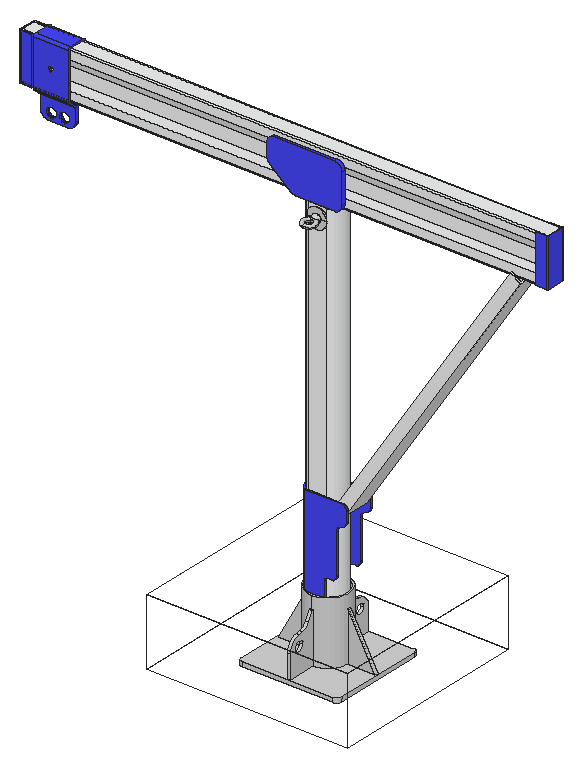
Revit family "FallProtection_DavitBase_Kattsafe_FloorMount_AdhesiveFixed", category Specialty Equipment, Revit 2025
Family settings
  Round Connector Dimension = Use Diameter
  Part Type = Normal
  OmniClass Number = 23.27.71.21
  Work Plane-Based = No
  Enable Cutting in Views = No
  Always vertical = Yes
  Cut with Voids When Loaded = No
  Maintain Annotation Orientation = No
  Shared = No
  Room Calculation Point = No
Parameters (values of type "1000mm Reach - 1600H (OH510.1600 + OH520)")
  Uniclass2015Version = "Products v1.23"
  Uniclass2015Title = "Davit arms"
  Uniclass2015Code = "Pr_40_70_75_21"
  URL = "https://kattsafe.com.au/"
  Type IFC Predefined Type = "USERDEFINED"
  Type Comments = "1000mm Reach - 1600mm Height Clearance - Min. 200mm Slab Req."
  SafetyDisclaimer [instance] = "WARNING! The correct placement of access, fall protection and facade maintenance systems is critical to ensure it is fit-for-purpose and safe for the operator to use. Did you know Kattsafe® have a dedicated team of Height Safety System Design Specialists? Kattsafe® provide one-on-one consultation and system design assistance to ensure you are meeting the stringent requirements of height safety and to give you PEACE OF MIND with your project."  # constant formula
  RightOffset = 907 mm
  RequiredSpace [instance] = yes
  OperationalRangeVis [instance] = yes
  OperationalRangeRadius = 1070 mm
  OperationalRangeOA = 1199 mm
  ModifiedIssue = 20240430
  Model = "OH510.1600 + OH520"
  ManufacturerURLProductSpecific = "https://kattsafe.com.au/products/davits-needles/davits"
  ManufacturerSpecCode = Model  # "OH510.1600 + OH520"
  ManufacturerOverallWidth = 2106 mm
  ManufacturerOverallHeight = 1850 mm
  ManufacturerOverallDepth = 400 mm
  ManufacturerHeightFromFFL [instance] = 0 mm
  Manufacturer = "Kattsafe®"  # constant formula
  IfcExportType = "USERDEFINED"
  IfcExportAs = "IfcElementComponentType"
  Export Type to IFC As = "IfcElementComponentType"
  ElementType = "Fall Protection"
  Description = "Kattsafe davits are designed as a cantilevered anchorage device over balustrades, parapets and curtain walls for rope access work."  # constant formula
  Default Elevation = 0 mm
  DavitArmVis = yes
  CreatedByURL = "https://igsgroup.com.au"
  CreatedBy = "IGS BIM Solutions"  # constant formula
  BaseMaterial = Steel_Stainless_Kattsafe_Satin
  Assembly Code = "E1090100"
  ArmWidth = 2106 mm
  ArmVerticalOffset [instance] = ManufacturerHeightFromFFL + 50 mm  # 50 mm
  ArmMaterial = Aluminum_Kattsafe_Satin
  ArmHeight = 1800 mm
  ArmBracketMaterial = Steel_PowderCoat_Kattsafe_Blue
Reference planes
  plane 1 "Center (Front/Back)": y = 0
  plane 2 "Ref. Level": z = 0
  plane 3 "Base Centre (Left/Right)": x = 0
  plane 4 "Back": y = 200
  plane 5 "Front": y = -200
  plane 6 "BaseRight": x = 200
  plane 7 "BaseLeft": x = -200
  plane 8 "Bottom": z = 0
  plane 9 "BaseTop": z = 266
  plane 10 "BaseFinTop": z = 216
  plane 11 "BaseFinHoles": z = 116
  plane 12 "Top": z = 1850
  plane 13 "Right": x = 907
  plane 14 "Left": x = -1199
  plane 15 "MastSleeveBottom": z = 16
Forms (mm)
  Extrusion 1, solid, material "Steel_Stainless_Kattsafe_Satin" <- "BaseMaterial"
    sketch origin (0, 0, 0) x (0, -1, 0) y (1, 0, 0)
      loop
        arc (-200, -180) -> (-194.142, -194.142) -> (-180, -200) r 20
        line (-180, -200) -> (180, -200)
        arc (180, -200) -> (194.142, -194.142) -> (200, -180) r 20
        line (200, -180) -> (200, 180)
        arc (200, 180) -> (194.142, 194.142) -> (180, 200) r 20
        line (180, 200) -> (-180, 200)
        arc (-180, 200) -> (-194.142, 194.142) -> (-200, 180) r 20
        line (-200, 180) -> (-200, -180)
    from 0 to 16
  Extrusion 2, solid, material "Steel_Stainless_Kattsafe_Satin" <- "BaseMaterial"
    sketch origin (0, 0, 0) x (0, -1, 0) y (1, 0, 0)
      loop
        circle (0, 0) r 77.15
      loop
        circle (0, 0) r 82.55
    from 266 to 16
  Extrusion 3, solid, material "Steel_Stainless_Kattsafe_Satin" <- "BaseMaterial"
    sketch origin (0, 0, 0) x (1, 0, 0) y (0, 0, 1)
      loop
        line (-82.55, 216) -> (-192.5, 16) -> (-79.577, 16) -> (-79.577, 216) -> (-82.55, 216)
      loop
        line (82.55, 216) -> (79.577, 216) -> (79.577, 16) -> (192.5, 16) -> (82.55, 216)
    from -6 to 6
  Extrusion 4, solid, material "Steel_Stainless_Kattsafe_Satin" <- "BaseMaterial"
    sketch origin (0, 0, 0) x (0, 1, 0) y (0, 0, 1)
      loop
        line (192.768, 16) -> (192.768, 108.211)
        arc (192.768, 108.211) -> (180.504, 141.014) -> (149.727, 157.725) r 50
        line (149.727, 157.725) -> (134.969, 159.799)
        arc (134.969, 159.799) -> (116.068, 167.054) -> (102.26, 181.861) r 45
        line (102.26, 181.861) -> (82.55, 216) -> (79.577, 216) -> (79.577, 16) -> (192.768, 16)
      loop
        line (-192.768, 16) -> (-79.577, 16) -> (-79.577, 216) -> (-82.55, 216) -> (-102.26, 181.861)
        arc (-102.26, 181.861) -> (-116.068, 167.054) -> (-134.969, 159.799) r 45
        line (-134.969, 159.799) -> (-149.727, 157.725)
        arc (-149.727, 157.725) -> (-180.504, 141.014) -> (-192.768, 108.211) r 50
        line (-192.768, 108.211) -> (-192.768, 16)
      loop
        circle (-152, 116) r 20
      loop
        circle (152, 116) r 20
    from -6 to 6
  Extrusion 5, solid, material "RequiredSpace_Kattsafe", visible <- "RequiredSpace"
    sketch origin (0, 0, 0) x (0, -1, 0) y (1, 0, 0)
      loop
        line (-400, -400) -> (400, -400) -> (400, 400) -> (-400, 400) -> (-400, -400)
    from 0 to 266
Cuts and joins
  joined: Extrusion 2, Extrusion 3, Extrusion 4
Lines and regions (mm)
  Masking region 1
    outline origin (0, 0, 16) x (0, -1, 0) y (1, 0, 0)
      loop
        arc (-200, -180) -> (-194.142, -194.142) -> (-180, -200) r 20
        line (-180, -200) -> (180, -200)
        arc (180, -200) -> (194.142, -194.142) -> (200, -180) r 20
        line (200, -180) -> (200, 180)
        arc (200, 180) -> (194.142, 194.142) -> (180, 200) r 20
        line (180, 200) -> (-180, 200)
        arc (-180, 200) -> (-194.142, 194.142) -> (-200, 180) r 20
        line (-200, 180) -> (-200, -180)
  symbolic lines, style "Required Space", visible <- "RequiredSpace"
    curve 1: line (-400, 400, 0) -> (400, 400, 0)
    curve 2: line (400, 400, 0) -> (400, 50, 0)
    curve 3: line (-400, -400, 0) -> (400, -400, 0)
    curve 4: line (400, -400, 0) -> (400, -50, 0)
    curve 5: line (-400, -400, 0) -> (-400, -35, 0)
    curve 6: line (-400, 400, 0) -> (-400, 35, 0)
    curve 7: line (-400, 0, 266) -> (400, 0, 266)
    curve 8: line (-400, 0, 0) -> (-400, 0, 266)
    curve 9: line (400, 0, 0) -> (-400, 0, 0)
    curve 10: line (400, 0, 266) -> (400, 0, 0)
    curve 11: line (0, 400, 266) -> (0, -400, 266)
    curve 12: line (0, 400, 0) -> (0, 400, 266)
    curve 13: line (0, -400, 0) -> (0, 400, 0)
    curve 14: line (0, -400, 266) -> (0, -400, 0)
  symbolic lines, style "Fall Arrest Systems", detail levels medium+fine
    curve 15: line (-6, 192.768, 16) -> (6, 192.768, 16)
    curve 16: line (6, 192.768, 16) -> (6, 82.332, 16)
    curve 17: line (-6, 82.332, 16) -> (-6, 192.768, 16)
    curve 19: circle (0, 0, 16) r 82.55 normal (0, 0, -1)
    curve 20: line (-6, -192.768, 16) -> (6, -192.768, 16)
    curve 21: line (6, -192.768, 16) -> (6, -82.332, 16)
    curve 22: line (-6, -82.332, 16) -> (-6, -192.768, 16)
    curve 23: line (-192.768, 6, 16) -> (-192.768, -6, 16)
    curve 24: line (-192.768, -6, 16) -> (-82.332, -6, 16)
    curve 25: line (-82.332, 6, 16) -> (-192.768, 6, 16)
    curve 26: line (192.768, 6, 16) -> (192.768, -6, 16)
    curve 27: line (192.768, -6, 16) -> (82.332, -6, 16)
    curve 28: line (82.332, 6, 16) -> (192.768, 6, 16)
  symbolic lines, style "Fall Arrest Systems", detail levels fine
    curve 18: circle (0, 0, 16) r 77.15 normal (0, 0, -1)
    curve 29: circle (150, 150, 16) r 9 normal (0, 0, -1)
    curve 30: circle (-150, 150, 16) r 9 normal (0, 0, 1)
    curve 31: circle (150, -150, 16) r 9 normal (0, 0, 1)
    curve 32: circle (-150, -150, 16) r 9 normal (0, 0, -1)
Text (mm)
  text "Disclaimer:\nDue to ongoing product development and manufacturing \nevolution, product details are subject to change without \nnotice. Please refer to product technical data sheets on \nthe manufacturers website for the most current product \ninformation. Please allow a +/- 5mm manufacturing \ntolerance for dimensions and set-outs shown in product \nliterature." at (1573.542, 159.228, 0), in view "Ref. Level"
Dimensions and locks
  equal spacing: plane 7 "BaseLeft", plane 3 "Base Centre (Left/Right)", plane 6 "BaseRight"
  equal spacing: plane 5 "Front", plane 1 "Center (Front/Back)", plane 4 "Back"
  "ManufacturerOverallDepth": plane 5 "Front" to plane 4 "Back"
  "ManufacturerHeightFromFFL": plane 8 "Bottom" to plane 2 "Ref. Level"
  locked: plane 9 "BaseTop" to plane 8 "Bottom" at 266
  "ManufacturerOverallHeight": plane 12 "Top" to plane 8 "Bottom"
  locked: plane 11 "BaseFinHoles" to plane 8 "Bottom" at 116
  locked: plane 10 "BaseFinTop" to plane 11 "BaseFinHoles" at 100
  "ManufacturerOverallWidth": plane 14 "Left" to plane 13 "Right"
  "RightOffset": plane 3 "Base Centre (Left/Right)" to plane 13 "Right"
  plane 7 "BaseLeft" to plane 6 "BaseRight" = 400 mm
  locked: plane 15 "MastSleeveBottom" to plane 8 "Bottom" at 16
  aligned and locked: level to plane 2 "Ref. Level"
  aligned and locked: Extrusion 3 sketch curve to plane 10 "BaseFinTop"
  aligned and locked: plane 10 "BaseFinTop" to Extrusion 3 sketch curve
  aligned and locked: plane 11 "BaseFinHoles" to Extrusion 4 sketch curve
  aligned and locked: Extrusion 2 to plane 9 "BaseTop"
  aligned and locked: curve 9 to plane 8 "Bottom"
  aligned and locked: plane 8 "Bottom" to Extrusion 5
  aligned and locked: Extrusion 5 to plane 9 "BaseTop"
  aligned and locked: plane 9 "BaseTop" to curve 7
  aligned and locked: plane 9 "BaseTop" to curve 11
  aligned and locked: plane 15 "MastSleeveBottom" to Extrusion 4 sketch curve
  aligned and locked: Extrusion 4 sketch curve to plane 15 "MastSleeveBottom"
  aligned and locked: Extrusion 3 sketch curve to plane 15 "MastSleeveBottom"
  aligned and locked: plane 15 "MastSleeveBottom" to Extrusion 3 sketch curve
Automatic sketch dimensions
  Extrusion 2 sketch curve to Extrusion 2 sketch curve = 0 mm  (x2)
  plane 1 "Center (Front/Back)" to Extrusion 2 sketch curve = 0 mm
  Extrusion 2 sketch curve to plane 3 "Base Centre (Left/Right)" = 0 mm
  Extrusion 5 sketch curve to plane 4 "Back" = 200 mm
  plane 5 "Front" to Extrusion 5 sketch curve = 200 mm
  Extrusion 5 sketch curve to plane 7 "BaseLeft" = 200 mm
  plane 6 "BaseRight" to Extrusion 5 sketch curve = 200 mm
  curve 9 to plane 7 "BaseLeft" = 200 mm
  plane 6 "BaseRight" to curve 9 = 200 mm
  curve 13 to level = 0 mm
  plane 5 "Front" to curve 11 = 200 mm
  curve 13 to plane 4 "Back" = 200 mm
  plane 7 "BaseLeft" to Extrusion 3 sketch curve = 7.5 mm
  Extrusion 3 sketch curve to plane 3 "Base Centre (Left/Right)" = 82.55 mm
  Extrusion 3 sketch curve to Extrusion 3 sketch curve = 2.973 mm  (x2)
  plane 3 "Base Centre (Left/Right)" to Extrusion 3 sketch curve = 79.577 mm
  Extrusion 3 sketch curve to plane 6 "BaseRight" = 7.5 mm
  plane 10 "BaseFinTop" to Extrusion 4 sketch curve = 0 mm  (x2)
  plane 11 "BaseFinHoles" to Extrusion 4 sketch curve = 0 mm
  Extrusion 4 sketch curve to plane 5 "Front" = 7.232 mm
  Extrusion 4 sketch curve to Extrusion 4 sketch curve = 40.768 mm
  Extrusion 4 sketch curve to Extrusion 4 sketch curve = 2.273 mm
  Extrusion 4 sketch curve to Extrusion 4 sketch curve = 9.232 mm  (x2)
  plane 10 "BaseFinTop" to Extrusion 4 sketch curve = 11.639 mm  (x2)
  Extrusion 4 sketch curve to Extrusion 4 sketch curve = 8.496 mm
  Extrusion 4 sketch curve to Extrusion 4 sketch curve = 14.758 mm  (x2)
  plane 10 "BaseFinTop" to Extrusion 4 sketch curve = 34.139 mm  (x2)
  Extrusion 4 sketch curve to Extrusion 4 sketch curve = 32.708 mm  (x2)
  Extrusion 4 sketch curve to Extrusion 4 sketch curve = 19.71 mm  (x2)
  Extrusion 4 sketch curve to Extrusion 4 sketch curve = 2.973 mm  (x2)
  Extrusion 4 sketch curve to plane 1 "Center (Front/Back)" = 79.577 mm
  Extrusion 4 sketch curve to Extrusion 4 sketch curve = 6.263 mm
  plane 11 "BaseFinHoles" to Extrusion 4 sketch curve = 7.789 mm  (x2)
  Extrusion 4 sketch curve to Extrusion 4 sketch curve = 7.8 mm
  plane 4 "Back" to Extrusion 4 sketch curve = 7.232 mm
  curve 1 to plane 4 "Back" = 200 mm
  plane 5 "Front" to curve 3 = 200 mm
  curve 3 to plane 7 "BaseLeft" = 200 mm
  curve 6 to plane 7 "BaseLeft" = 200 mm
  plane 6 "BaseRight" to curve 2 = 200 mm
  plane 6 "BaseRight" to curve 4 = 200 mm
  curve 6 to plane 1 "Center (Front/Back)" = 35 mm
  curve 2 to plane 1 "Center (Front/Back)" = 50 mm
  plane 1 "Center (Front/Back)" to curve 5 = 35 mm
  plane 1 "Center (Front/Back)" to curve 4 = 50 mm
  plane 4 "Back" to Extrusion 1 sketch curve = 0 mm
  Extrusion 1 sketch curve to plane 7 "BaseLeft" = 0 mm
  Extrusion 1 sketch curve to plane 6 "BaseRight" = 0 mm
  plane 5 "Front" to Extrusion 1 sketch curve = 0 mm
  plane 4 "Back" to Extrusion 1 sketch curve = 20 mm  (x2)
  Extrusion 1 sketch curve to plane 5 "Front" = 20 mm
  Extrusion 1 sketch curve to Extrusion 1 sketch curve = 20 mm
  curve 18 to curve 19 = 0 mm  (x2)
  plane 1 "Center (Front/Back)" to curve 19 = 0 mm
  curve 19 to plane 3 "Base Centre (Left/Right)" = 0 mm
  curve 26 to plane 1 "Center (Front/Back)" = 6 mm
  curve 23 to plane 1 "Center (Front/Back)" = 6 mm
  plane 4 "Back" to curve 30 = 50 mm
  plane 4 "Back" to curve 29 = 50 mm
  plane 4 "Back" to curve 17 = 7.232 mm
  plane 1 "Center (Front/Back)" to curve 24 = 6 mm
  plane 1 "Center (Front/Back)" to curve 27 = 6 mm
  curve 31 to plane 5 "Front" = 50 mm
  curve 32 to plane 5 "Front" = 50 mm
  curve 20 to plane 5 "Front" = 7.232 mm
  curve 22 to plane 3 "Base Centre (Left/Right)" = 6 mm
  curve 17 to plane 3 "Base Centre (Left/Right)" = 6 mm
  plane 7 "BaseLeft" to curve 30 = 50 mm
  plane 7 "BaseLeft" to curve 32 = 50 mm
  plane 7 "BaseLeft" to curve 23 = 7.232 mm
  plane 3 "Base Centre (Left/Right)" to curve 20 = 6 mm
  plane 3 "Base Centre (Left/Right)" to curve 16 = 6 mm
  curve 29 to plane 6 "BaseRight" = 50 mm
  curve 31 to plane 6 "BaseRight" = 50 mm
  curve 26 to plane 6 "BaseRight" = 7.232 mm
  curve 17 to plane 1 "Center (Front/Back)" = 82.332 mm
  plane 4 "Back" to Masking region 1 sketch curve = 0 mm
  Masking region 1 sketch curve to plane 7 "BaseLeft" = 0 mm
  Masking region 1 sketch curve to plane 6 "BaseRight" = 0 mm
  plane 5 "Front" to Masking region 1 sketch curve = 0 mm
  plane 4 "Back" to Masking region 1 sketch curve = 20 mm  (x2)
  Masking region 1 sketch curve to plane 5 "Front" = 20 mm
  Masking region 1 sketch curve to Masking region 1 sketch curve = 20 mm
  radius of Extrusion 2 sketch curve = 77.15 mm
  radius of Extrusion 2 sketch curve = 82.55 mm
  radius of Extrusion 4 sketch curve = 20 mm  (x2)
  radius of curve 18 = 77.15 mm
  radius of curve 29 = 9 mm
  radius of curve 30 = 9 mm
  radius of curve 31 = 9 mm
  radius of curve 32 = 9 mm
Nested families
  nested 1: "Ropeaccess_Davitarm_Kattsafe" at (607, 0, 50), visible <- "DavitArmVis", built-in parameter 1001364 <- "ArmVerticalOffset", ManufacturerOverallHeight <- "ArmHeight", ManufacturerOverallWidth <- "ArmWidth", type "Type 1"
    with ManufacturerOverallWidth 2106 mm, ManufacturerOverallHeight 1800 mm, ManufacturerHeightFromFFL 0 mm
  nested 2: "OperationalReach_DavitArm_Kattsafe" at (0, 0, 0) x (-0.7071, -0.7071, 0) z (0, 0, -1), OperationalReach <- "OperationalRangeOA", visible <- "OperationalRangeVis", CircleRadius <- "OperationalRangeRadius", type "Type 1"
    with OperationalReach 1199 mm, CircleVis yes, CircleRadius 1070 mm
  nested 3: "OperationalReach_DavitArm_Kattsafe" at (0, 0, 0) x (0.7071, -0.7071, 0) z (0, 0, -1), OperationalReach <- "OperationalRangeOA", visible <- "OperationalRangeVis", CircleRadius <- "OperationalRangeOA", type "Type 1"
    with OperationalReach 1199 mm, CircleVis no, CircleRadius 1199 mm
  nested 4: "OperationalReach_DavitArm_Kattsafe" at (0, 0, 0) x (-1, 0, 0) z (0, 0, -1), OperationalReach <- "OperationalRangeOA", visible <- "OperationalRangeVis", CircleRadius <- "OperationalRangeOA", type "Type 1"
    with OperationalReach 1199 mm, CircleVis no, CircleRadius 1199 mm
  nested 5: "OperationalReach_DavitArm_Kattsafe" at (0, 0, 0) x (-0.7071, 0.7071, 0) z (0, 0, -1), OperationalReach <- "OperationalRangeOA", visible <- "OperationalRangeVis", CircleRadius <- "OperationalRangeOA", type "Type 1"
    with OperationalReach 1199 mm, CircleVis no, CircleRadius 1199 mm
  nested 6: "OperationalReach_DavitArm_Kattsafe" at (0, 0, 0) x (0, 1, 0) z (0, 0, -1), OperationalReach <- "OperationalRangeOA", visible <- "OperationalRangeVis", CircleRadius <- "OperationalRangeOA", type "Type 1"
    with OperationalReach 1199 mm, CircleVis no, CircleRadius 1199 mm
  nested 7: "OperationalReach_DavitArm_Kattsafe" at (0, 0, 0) x (0.7071, 0.7071, 0) z (0, 0, -1), OperationalReach <- "OperationalRangeOA", visible <- "OperationalRangeVis", CircleRadius <- "OperationalRangeOA", type "Type 1"
    with OperationalReach 1199 mm, CircleVis no, CircleRadius 1199 mm
  nested 8: "OperationalReach_DavitArm_Kattsafe" at (0, 0, 0) x (1, 0, 0) z (0, 0, -1), OperationalReach <- "OperationalRangeOA", visible <- "OperationalRangeVis", CircleRadius <- "OperationalRangeOA", type "Type 1"
    with OperationalReach 1199 mm, CircleVis no, CircleRadius 1199 mm
Definition of nested family "Ropeaccess_Davitarm_Kattsafe"
  Parameters (values of type "Type 1")
    Uniclass2015Version = "Products v1.20"
    Uniclass2015Title = "Davit arms"
    Uniclass2015Code = "Pr_40_70_75_21"
    URL = "https://kattsafe.com.au/"
    Type IFC Predefined Type = "NOTDEFINED\r\nq"
    Type Comments = ""
    ModifiedIssue = 20210726
    Model = ""
    ManufacturerURLProductSpecific = ""
    ManufacturerSpecCode = Model  # ""
    ManufacturerOverallWidth [instance] = 2106 mm
    ManufacturerOverallHeight [instance] = 1805 mm
    ManufacturerOverallDepth = 246.6 mm
    ManufacturerHeightFromFFL [instance] = 0 mm
    Manufacturer = "Sayfa"  # constant formula
    IfcExportType = "NOTDEFINED\r\nq"
    IfcExportAs = "IfcElementComponentType"
    FixingMaterials = none
    Export Type to IFC As = "IfcElementComponentType"
    Description = "A Proprietary Facade Rope Access System Providing Access Over Non\r\nLoad-bearing Parapets, Balustrades And Curtain Walls"
    Default Elevation = 0 mm
    CreatedByURL = "https://igsgroup.com.au"
    CreatedBy = "IGS BIM Solutions"  # constant formula
    BracketMaterial = none
    ArmMaterial = none
  Reference planes
    plane 1 "Centre (Front/Back)": y = 0
    plane 2 "Ref. Level": z = 0
    plane 3 "MastCentre": x = -607
    plane 4 "Back": y = 123.3
    plane 5 "Front": y = -123.3
    plane 6 "Right": x = 300
    plane 7 "Left": x = -1806
    plane 8 "Bottom": z = 0
    plane 9 "Centre (Elevation)": z = 902.5
    plane 10 "Top": z = 1805
    plane 11 "BaseTop": z = 570
    plane 12 "BraceBottomPivot": z = 540
    plane 13 "ArmTop": z = 1800
    plane 14 "ArmBack": y = 35
    plane 15 "ArmFront": y = -35
    plane 16 "ArmBottom": z = 1610
    plane 17 "ArmLeft": x = -1803
    plane 18 "ArmRight": x = 297
    plane 19 "RiggingAnchor": x = -1677
    plane 20 "BraceTopPivot": z = 1630.005
    plane 21 "ArmBracePivot": x = 187
    plane 22 "ArmCentre_Elevation": z = 1705
    plane 23 "MastJoinTop": z = 1780
    plane 24 "MastJoinBottom": z = 1600
    plane 25 "MastJoinRight": x = -512
    plane 26 "MastJoinLeft": x = -812
    plane 27 "MastFront": y = -56.8
    plane 28 "MastBack": y = 56.8
    plane 29 "BraceTop": z = 1616.005
    plane 30 "BracketCentre": z = 1555
    plane 31 "BracketFrontCentre": y = -94
    plane 32 "BracketBackCentre": y = 94
  Forms (mm)
    Extrusion 1, solid, material <- "ArmMaterial"
      sketch origin (297, 0, 0) x (0, 1, 0) y (0, 0, 1)
        loop
          arc (30, 1610) -> (33.536, 1611.464) -> (35, 1615) r 5
          line (35, 1615) -> (35, 1650) -> (25, 1678) -> (25, 1732) -> (35, 1760) -> (35, 1795)
          arc (35, 1795) -> (33.536, 1798.536) -> (30, 1800) r 5
          line (30, 1800) -> (-30, 1800)
          arc (-30, 1800) -> (-33.536, 1798.536) -> (-35, 1795) r 5
          line (-35, 1795) -> (-35, 1760) -> (-25, 1732) -> (-25, 1678) -> (-35, 1650) -> (-35, 1615)
          arc (-35, 1615) -> (-33.536, 1611.464) -> (-30, 1610) r 5
          line (-30, 1610) -> (30, 1610)
      from -2100 to 0
    Extrusion 2, solid, material <- "BracketMaterial"
      sketch origin (0, 0, 1800) x (0, -1, 0) y (1, 0, 0)
        loop
          arc (34, -1806) -> (36.828, -1804.828) -> (38, -1802) r 4
          line (38, -1802) -> (38, -1756) -> (35, -1756) -> (35, -1802)
          arc (35, -1802) -> (34.707, -1802.707) -> (34, -1803) r 1
          line (34, -1803) -> (-34, -1803)
          arc (-34, -1803) -> (-34.707, -1802.707) -> (-35, -1802) r 1
          line (-35, -1802) -> (-35, -1756) -> (-38, -1756) -> (-38, -1802)
          arc (-38, -1802) -> (-36.828, -1804.828) -> (-34, -1806) r 4
          line (-34, -1806) -> (34, -1806)
        loop
          line (34, 300) -> (-34, 300)
          arc (-34, 300) -> (-36.828, 298.828) -> (-38, 296) r 4
          line (-38, 296) -> (-38, 250) -> (-35, 250) -> (-35, 296)
          arc (-35, 296) -> (-34.707, 296.707) -> (-34, 297) r 1
          line (-34, 297) -> (34, 297)
          arc (34, 297) -> (34.707, 296.707) -> (35, 296) r 1
          line (35, 296) -> (35, 250) -> (38, 250) -> (38, 296)
          arc (38, 296) -> (36.828, 298.828) -> (34, 300) r 4
      from 0 to -190
    Extrusion 3, solid, material <- "ArmMaterial"
      sketch origin (0, 0, 0) x (0, -1, 0) y (1, 0, 0)
        loop
          line (56.8, -647) -> (51.8, -647) -> (51.8, -567) -> (56.8, -567)
          arc (56.8, -567) -> (0, -537) -> (-56.8, -567) r 68.771
          line (-56.8, -567) -> (-51.8, -567) -> (-51.8, -647) -> (-56.8, -647)
          arc (-56.8, -647) -> (0, -677) -> (56.8, -647) r 68.771
      from 0 to 1600
    Extrusion 4, solid, material <- "BracketMaterial"
      sketch origin (0, -35, 0) x (1, 0, 0) y (0, 0, 1)
        loop
          line (-542, 1780) -> (-782, 1780)
          arc (-782, 1780) -> (-803.213, 1771.213) -> (-812, 1750) r 30
          line (-812, 1750) -> (-812, 1701.256)
          arc (-812, 1701.256) -> (-809.189, 1688.577) -> (-801.284, 1678.274) r 30
          line (-801.284, 1678.274) -> (-716.365, 1607.019)
          arc (-716.365, 1607.019) -> (-707.341, 1601.809) -> (-697.081, 1600) r 30
          line (-697.081, 1600) -> (-542, 1600)
          arc (-542, 1600) -> (-520.787, 1608.787) -> (-512, 1630) r 30
          line (-512, 1630) -> (-512, 1750)
          arc (-512, 1750) -> (-520.787, 1771.213) -> (-542, 1780) r 30
      from 0 to 12.508
    Extrusion 5, solid, material <- "BracketMaterial"
      sketch origin (0, 35, 0) x (1, 0, 0) y (0, 0, 1)
        loop
          line (-542, 1780) -> (-782, 1780)
          arc (-782, 1780) -> (-803.213, 1771.213) -> (-812, 1750) r 30
          line (-812, 1750) -> (-812, 1701.256)
          arc (-812, 1701.256) -> (-809.189, 1688.577) -> (-801.284, 1678.274) r 30
          line (-801.284, 1678.274) -> (-716.365, 1607.019)
          arc (-716.365, 1607.019) -> (-707.341, 1601.809) -> (-697.081, 1600) r 30
          line (-697.081, 1600) -> (-542, 1600)
          arc (-542, 1600) -> (-520.787, 1608.787) -> (-512, 1630) r 30
          line (-512, 1630) -> (-512, 1750)
          arc (-512, 1750) -> (-520.787, 1771.213) -> (-542, 1780) r 30
      from 0 to -12.5
    Extrusion 6, solid, material <- "ArmMaterial"
      sketch origin (0, 0, 1610) x (0, -1, 0) y (1, 0, 0)
        loop
          arc (-35, -667.427) -> (0, -677) -> (35, -667.427) r 68.771
          line (35, -667.427) -> (35, -546.573)
          arc (35, -546.573) -> (0, -537) -> (-35, -546.573) r 68.771
          line (-35, -546.573) -> (-35, -667.427)
      from 0 to -10
    Extrusion 7, solid, material <- "BracketMaterial"
      sketch origin (-1677, 0, 0) x (0, 1, 0) y (0, 0, 1)
        loop
          line (-30, 1800) -> (30, 1800)
          arc (30, 1800) -> (33.536, 1798.536) -> (35, 1795) r 5
          line (35, 1795) -> (35, 1610.432)
          arc (35, 1610.432) -> (34.918, 1610.035) -> (34.686, 1609.704) r 1
          line (34.686, 1609.704) -> (2.386, 1579.277)
          arc (2.386, 1579.277) -> (0.992, 1577.288) -> (0.5, 1574.909) r 6
          line (0.5, 1574.909) -> (0.5, 1495.5) -> (5.5, 1495.5) -> (5.5, 1574.909)
          arc (5.5, 1574.909) -> (5.582, 1575.306) -> (5.814, 1575.637) r 1
          line (5.814, 1575.637) -> (38.114, 1606.064)
          arc (38.114, 1606.064) -> (39.508, 1608.053) -> (40, 1610.432) r 6
          line (40, 1610.432) -> (40, 1795)
          arc (40, 1795) -> (37.071, 1802.071) -> (30, 1805) r 10
          line (30, 1805) -> (-30, 1805)
          arc (-30, 1805) -> (-37.071, 1802.071) -> (-40, 1795) r 10
          line (-40, 1795) -> (-40, 1610.432)
          arc (-40, 1610.432) -> (-39.508, 1608.053) -> (-38.114, 1606.064) r 6
          line (-38.114, 1606.064) -> (-5.814, 1575.637)
          arc (-5.814, 1575.637) -> (-5.582, 1575.306) -> (-5.5, 1574.909) r 1
          line (-5.5, 1574.909) -> (-5.5, 1495.5) -> (-0.5, 1495.5) -> (-0.5, 1574.909)
          arc (-0.5, 1574.909) -> (-0.992, 1577.288) -> (-2.386, 1579.277) r 6
          line (-2.386, 1579.277) -> (-34.686, 1609.704)
          arc (-34.686, 1609.704) -> (-34.918, 1610.035) -> (-35, 1610.432) r 1
          line (-35, 1610.432) -> (-35, 1795)
          arc (-35, 1795) -> (-33.536, 1798.536) -> (-30, 1800) r 5
      from -70 to 70
    Extrusion 8, void
      sketch origin (0, 0, 0) x (1, 0, 0) y (0, 0, 1)
        loop
          line (-1747, 1525.5) -> (-1747, 1495.5) -> (-1717, 1495.5)
          arc (-1717, 1495.5) -> (-1738.213, 1504.287) -> (-1747, 1525.5) r 30
        loop
          arc (-1607, 1525.5) -> (-1615.787, 1504.287) -> (-1637, 1495.5) r 30
          line (-1637, 1495.5) -> (-1607, 1495.5) -> (-1607, 1525.5)
        loop
          circle (-1677, 1705) r 9
        loop
          circle (-1703, 1525.5) r 20
        loop
          circle (-1651, 1525.5) r 20
      from -50 to 50
    Extrusion 9, solid, material <- "BracketMaterial"
      sketch origin (0, -56.8, 0) x (1, 0, 0) y (0, 0, 1)
        loop
          line (-569.5, 0) -> (-569.5, 275)
          arc (-569.5, 275) -> (-566.571, 282.071) -> (-559.5, 285) r 10
          line (-559.5, 285) -> (-542, 285)
          arc (-542, 285) -> (-527.858, 290.858) -> (-522, 305) r 20
          line (-522, 305) -> (-522, 465.214)
          arc (-522, 465.214) -> (-519.143, 475.515) -> (-511.389, 482.873) r 20
          line (-511.389, 482.873) -> (-492.611, 492.858)
          arc (-492.611, 492.858) -> (-484.857, 500.216) -> (-482, 510.517) r 20
          line (-482, 510.517) -> (-482, 550)
          arc (-482, 550) -> (-487.858, 564.142) -> (-502, 570) r 20
          line (-502, 570) -> (-644.5, 570) -> (-644.5, 0) -> (-569.5, 0)
      from 0 to 6
    Extrusion 10, solid, material <- "BracketMaterial"
      sketch origin (0, 56.8, 0) x (1, 0, 0) y (0, 0, -1)
        loop
          line (-569.5, 0) -> (-644.5, 0) -> (-644.5, -570) -> (-502, -570)
          arc (-502, -570) -> (-487.858, -564.142) -> (-482, -550) r 20
          line (-482, -550) -> (-482, -510.517)
          arc (-482, -510.517) -> (-484.857, -500.216) -> (-492.611, -492.858) r 20
          line (-492.611, -492.858) -> (-511.389, -482.873)
          arc (-511.389, -482.873) -> (-519.143, -475.515) -> (-522, -465.214) r 20
          line (-522, -465.214) -> (-522, -305)
          arc (-522, -305) -> (-527.858, -290.858) -> (-542, -285) r 20
          line (-542, -285) -> (-559.5, -285)
          arc (-559.5, -285) -> (-566.571, -282.071) -> (-569.5, -275) r 10
          line (-569.5, -275) -> (-569.5, 0)
      from 0 to 6
    Extrusion 11, solid, material <- "BracketMaterial"
      sketch origin (0, 0, 0) x (0, -1, 0) y (1, 0, 0)
        loop
          line (-62.8, -569.5) -> (-56.8, -569.5) -> (-56.8, -567)
          arc (-56.8, -567) -> (0, -537) -> (56.8, -567) r 68.771
          line (56.8, -567) -> (56.8, -569.5) -> (62.8, -569.5) -> (62.8, -565.784)
          arc (62.8, -565.784) -> (62.716, -565.21) -> (62.471, -564.685) r 2
          arc (62.471, -564.685) -> (0, -531) -> (-62.471, -564.685) r 74.771
          arc (-62.471, -564.685) -> (-62.716, -565.21) -> (-62.8, -565.784) r 2
          line (-62.8, -565.784) -> (-62.8, -569.5)
      from 0 to 100
    Extrusion 12, solid, material <- "BracketMaterial"
      sketch origin (0, 0, 570) x (0, -1, 0) y (1, 0, 0)
        loop
          line (-62.8, -644.5) -> (-62.8, -648.216)
          arc (-62.8, -648.216) -> (-62.716, -648.79) -> (-62.471, -649.315) r 2
          arc (-62.471, -649.315) -> (0, -683) -> (62.471, -649.315) r 74.771
          arc (62.471, -649.315) -> (62.716, -648.79) -> (62.8, -648.216) r 2
          line (62.8, -648.216) -> (62.8, -644.5) -> (56.8, -644.5) -> (56.8, -647)
          arc (56.8, -647) -> (0, -677) -> (-56.8, -647) r 68.771
          line (-56.8, -647) -> (-56.8, -644.5) -> (-62.8, -644.5)
      from 0 to -370
    Sweep 13, solid, material <- "ArmMaterial"
      path in 3D
        loop
          line (180.587, 0, 1616.005) -> (-512, 0, 540)
      profile origin (-165.706, 0, 1078.002) x (0.840869, 0, -0.541238) y (0, -1, 0)
        loop
          line (23, 50) -> (-23, 50) -> (-23, 45) -> (18, 45) -> (18, -45) -> (-23, -45) -> (-23, -50) -> (23, -50) -> (23, 50)
    Revolve 14, solid, material <- "FixingMaterials", detail levels medium+fine
      sketch origin (-607, 0, 0) x (0, 1, 0) y (0, 0, 1)
        loop
          circle (-117.05, 1555) r 6.25
        axis (-94, 1555) -> (-94, 1554)
      angle from 0 to 360
    Revolve 15, solid, material <- "FixingMaterials", detail levels medium+fine
      sketch origin (0, 0, 1555) x (0, -1, 0) y (1, 0, 0)
        loop
          arc (58.445, -590.448) -> (57.33, -590.551) -> (56.8, -591.538) r 1.183
          line (56.8, -591.538) -> (56.8, -567) -> (51.8, -567) -> (51.8, -607) -> (77.8, -607) -> (77.8, -600.001)
          arc (77.8, -600.001) -> (77.464, -598.886) -> (76.569, -598.142) r 2.02
          line (76.569, -598.142) -> (58.445, -590.448)
        axis (77.8, -607) -> (51.8, -607)
      angle from 0 to 360
    Revolve 16, solid, material <- "FixingMaterials", detail levels medium+fine
      sketch origin (-607, 0, 0) x (0, -1, 0) y (0, 0, 1)
        loop
          circle (-117.05, 1555) r 6.25
        axis (-94, 1555) -> (-94, 1554)
      angle from 0 to 360
    Revolve 17, solid, material <- "FixingMaterials", detail levels medium+fine
      sketch origin (0, 0, 1555) x (0, 1, 0) y (1, 0, 0)
        loop
          arc (58.445, -590.448) -> (57.33, -590.551) -> (56.8, -591.538) r 1.183
          line (56.8, -591.538) -> (56.8, -567) -> (51.8, -567) -> (51.8, -607) -> (77.8, -607) -> (77.8, -600.001)
          arc (77.8, -600.001) -> (77.464, -598.886) -> (76.569, -598.142) r 2.02
          line (76.569, -598.142) -> (58.445, -590.448)
        axis (77.8, -607) -> (51.8, -607)
      angle from 0 to 360
  Cuts and joins
    joined: Extrusion 3, Extrusion 6
    Extrusion 8 cuts Extrusion 7
    joined: Extrusion 9, Extrusion 10, Extrusion 11, Extrusion 12
    joined: Revolve 14, Revolve 15
  Lines and regions (mm)
    Masking region 1
      outline origin (0, 0, 0) x (0, -1, 0) y (1, 0, 0)
        loop
          arc (34, -1806) -> (36.828, -1804.828) -> (38, -1802) r 4
          line (38, -1802) -> (38, -1756) -> (35, -1756) -> (35, -1742) -> (40, -1742) -> (40, -1607) -> (35, -1607) -> (35, -812) -> (47.5, -812) -> (47.5, -665.974)
          arc (47.5, -665.974) -> (55.814, -657.984) -> (62.8, -648.81) r 74.771
          line (62.8, -648.81) -> (62.8, -621.715) -> (67.396, -619.765)
          arc (67.396, -619.765) -> (122.986, -607.325) -> (67.532, -594.293) r 29.222
          line (67.532, -594.293) -> (62.8, -592.285) -> (62.8, -482) -> (56.8, -482) -> (56.8, -557.145)
          arc (56.8, -557.145) -> (52.349, -552.383) -> (47.5, -548.026) r 74.771
          line (47.5, -548.026) -> (47.5, -531.34) -> (50, -531.34) -> (50, 236.374) -> (45, 236.374) -> (45, 199.927) -> (35, 199.927) -> (35, 250) -> (38, 250) -> (38, 296)
          arc (38, 296) -> (36.828, 298.828) -> (34, 300) r 4
          line (34, 300) -> (-34, 300)
          arc (-34, 300) -> (-36.828, 298.828) -> (-38, 296) r 4
          line (-38, 296) -> (-38, 250) -> (-35, 250) -> (-35, 199.927) -> (-45, 199.927) -> (-45, 236.374) -> (-50, 236.374) -> (-50, -531.34) -> (-47.5, -531.34) -> (-47.5, -548.026)
          arc (-47.5, -548.026) -> (-52.349, -552.383) -> (-56.8, -557.145) r 74.771
          line (-56.8, -557.145) -> (-56.8, -482) -> (-62.8, -482) -> (-62.8, -592.285) -> (-67.532, -594.293)
          arc (-67.532, -594.293) -> (-122.986, -607.325) -> (-67.396, -619.765) r 29.222
          line (-67.396, -619.765) -> (-62.8, -621.715) -> (-62.8, -648.81)
          arc (-62.8, -648.81) -> (-55.814, -657.984) -> (-47.5, -665.974) r 74.771
          line (-47.5, -665.974) -> (-47.5, -812) -> (-35, -812) -> (-35, -1607) -> (-40, -1607) -> (-40, -1742) -> (-35, -1742) -> (-35, -1756) -> (-38, -1756) -> (-38, -1802)
          arc (-38, -1802) -> (-36.828, -1804.828) -> (-34, -1806) r 4
          line (-34, -1806) -> (34, -1806)
        loop
          line (77.8, -602.55) -> (77.8, -611.45)
          arc (77.8, -611.45) -> (110.8, -607) -> (77.8, -602.55) r 16.8
        loop
          arc (-77.8, -602.55) -> (-110.8, -607) -> (-77.8, -611.45) r 16.8
          line (-77.8, -611.45) -> (-77.8, -602.55)
    reference lines
      curve 1: line (180.587, 0, 1616.005) -> (-512, 0, 540)
    sketch lines
      curve 2: line (180.587, 0, 1616.005) -> (-512, 0, 540)
    symbolic lines, detail levels medium+fine
      curve 3: line (-1756, -35, 1555) -> (-1802, -35, 1555)
      curve 4: arc (-1802, -35, 1555) -> (-1802.707, -34.707, 1555) -> (-1803, -34, 1555) r 1
      curve 5: line (-1803, 34, 1555) -> (-1803, -34, 1555)
      curve 6: line (-1756, 35, 1555) -> (-1802, 35, 1555)
      curve 7: arc (-1802, 35, 1555) -> (-1802.707, 34.707, 1555) -> (-1803, 34, 1555) r 1
      curve 8: line (-1742, 35, 1555) -> (-1742, -35, 1555)
      curve 9: line (-1607, 35, 1555) -> (-1607, -35, 1555)
      curve 10: line (-812, -35, 1555) -> (-402, -35, 1555)
      curve 11: line (-812, 35, 1555) -> (-402, 35, 1555)
      curve 12: line (-665.974, -47.5, 1555) -> (-548.026, -47.5, 1555)
      curve 13: line (-665.974, 47.5, 1555) -> (-548.026, 47.5, 1555)
      curve 14: line (199.927, -45, 1555) -> (-402, -45, 1555)
      curve 15: line (-402, -35, 1555) -> (199.927, -35, 1555)
      curve 16: line (199.927, 35, 1555) -> (-402, 35, 1555)
      curve 17: line (199.927, 45, 1555) -> (-402, 45, 1555)
      curve 18: arc (-647, 56.8, 1555) -> (-652.724, 52.437, 1555) -> (-657.96, 47.5, 1555) r 68.771
      curve 19: line (-647, 56.8, 1555) -> (-557.145, 56.8, 1555)
      curve 20: line (-647, -56.8, 1555) -> (-557.145, -56.8, 1555)
      curve 21: arc (-647, -56.8, 1555) -> (-652.724, -52.437, 1555) -> (-657.96, -47.5, 1555) r 68.771
      curve 22: line (250, -35, 1555) -> (296, -35, 1555)
      curve 23: arc (296, -35, 1555) -> (296.707, -34.707, 1555) -> (297, -34, 1555) r 1
      curve 24: line (297, 34, 1555) -> (297, -34, 1555)
      curve 25: line (250, 35, 1555) -> (296, 35, 1555)
      curve 26: arc (296, 35, 1555) -> (296.707, 34.707, 1555) -> (297, 34, 1555) r 1
  Text (mm)
    text "Disclaimer:\nDue to ongoing product development and manufacturing \nevolution, product details are subject to change without \nnotice. Please refer to product technical data sheets on \nthe manufacturers website for the most current product \ninformation. Please allow a +/- 5mm manufacturing \ntolerance for dimensions and set-outs shown in product \nliterature." at (985.527, 159.228, 0), in view "Ref. Level"
  Dimensions and locks
    "ManufacturerOverallWidth": plane 7 "Left" to plane 6 "Right"
    equal spacing: plane 5 "Front", plane 1 "Centre (Front/Back)", plane 4 "Back"
    "ManufacturerOverallDepth": plane 5 "Front" to plane 4 "Back"
    equal spacing: plane 10 "Top", plane 9 "Centre (Elevation)", plane 8 "Bottom"
    "ManufacturerOverallHeight": plane 10 "Top" to plane 8 "Bottom"
    "ManufacturerHeightFromFFL": plane 8 "Bottom" to plane 2 "Ref. Level"
    plane 11 "BaseTop" to plane 12 "BraceBottomPivot" = 30 mm
    locked: plane 11 "BaseTop" to plane 8 "Bottom" at 570
    locked: plane 10 "Top" to plane 13 "ArmTop" at 5
    locked: plane 3 "MastCentre" to plane 6 "Right" at 907
    locked: plane 15 "ArmFront" to plane 14 "ArmBack" at 70
    equal spacing: plane 15 "ArmFront", plane 1 "Centre (Front/Back)", plane 14 "ArmBack"
    locked: plane 13 "ArmTop" to plane 16 "ArmBottom" at 190
    locked: plane 7 "Left" to plane 17 "ArmLeft" at 3
    locked: plane 18 "ArmRight" to plane 6 "Right" at 3
    locked: plane 17 "ArmLeft" to plane 19 "RiggingAnchor" at 126
    plane 20 "BraceTopPivot" to plane 16 "ArmBottom" = 20.005 mm
    locked: plane 21 "ArmBracePivot" to plane 18 "ArmRight" at 110
    equal spacing: plane 13 "ArmTop", plane 22 "ArmCentre_Elevation", plane 16 "ArmBottom"
    locked: plane 13 "ArmTop" to plane 23 "MastJoinTop" at 20
    plane 16 "ArmBottom" to plane 24 "MastJoinBottom" = 10 mm
    locked: plane 27 "MastFront" to plane 15 "ArmFront" at 21.8
    locked: plane 14 "ArmBack" to plane 28 "MastBack" at 21.8
    locked: plane 20 "BraceTopPivot" to plane 29 "BraceTop" at 14
    locked: plane 24 "MastJoinBottom" to plane 30 "BracketCentre" at 45
    locked: plane 31 "BracketFrontCentre" to plane 1 "Centre (Front/Back)" at 94
    locked: plane 1 "Centre (Front/Back)" to plane 32 "BracketBackCentre" at 94
    locked: plane 26 "MastJoinLeft" to plane 3 "MastCentre" at 205
    locked: plane 3 "MastCentre" to plane 25 "MastJoinRight" at 95
    aligned and locked: level to plane 2 "Ref. Level"
    aligned and locked: Extrusion 1 to plane 17 "ArmLeft"
    aligned and locked: plane 6 "Right" to Extrusion 2 sketch curve
    aligned and locked: Extrusion 2 sketch curve to plane 18 "ArmRight"
    aligned and locked: plane 7 "Left" to Extrusion 2 sketch curve
    aligned and locked: Extrusion 2 sketch curve to plane 17 "ArmLeft"
    aligned and locked: plane 16 "ArmBottom" to Extrusion 2
    aligned and locked: cut or joined group of Extrusion 3, Extrusion 6 to plane 24 "MastJoinBottom"
    aligned and locked: plane 29 "BraceTop" to curve 1
  Automatic sketch dimensions
    Extrusion 2 sketch curve to Extrusion 2 sketch curve = 0 mm  (x8)
    plane 14 "ArmBack" to Extrusion 2 sketch curve = 0 mm  (x2)
    plane 15 "ArmFront" to Extrusion 2 sketch curve = 0 mm  (x2)
    plane 14 "ArmBack" to Extrusion 2 sketch curve = 1 mm
    Extrusion 2 sketch curve to Extrusion 2 sketch curve = 1 mm  (x2)
    Extrusion 2 sketch curve to plane 15 "ArmFront" = 1 mm
    Extrusion 2 sketch curve to Extrusion 2 sketch curve = 46 mm  (x4)
    Extrusion 3 sketch curve to plane 28 "MastBack" = 0 mm  (x2)
    plane 1 "Centre (Front/Back)" to Extrusion 3 sketch curve = 0 mm  (x2)
    plane 27 "MastFront" to Extrusion 3 sketch curve = 0 mm  (x2)
    Extrusion 3 sketch curve to Extrusion 3 sketch curve = 5 mm  (x2)
    Extrusion 3 sketch curve to plane 3 "MastCentre" = 40 mm
    Extrusion 3 sketch curve to plane 3 "MastCentre" = 1.229 mm
    plane 3 "MastCentre" to Extrusion 3 sketch curve = 1.229 mm
    plane 3 "MastCentre" to Extrusion 3 sketch curve = 40 mm
    plane 14 "ArmBack" to Extrusion 6 sketch curve = 0 mm
    plane 1 "Centre (Front/Back)" to Extrusion 6 sketch curve = 0 mm  (x2)
    plane 15 "ArmFront" to Extrusion 6 sketch curve = 0 mm
    Extrusion 6 sketch curve to plane 3 "MastCentre" = 60.427 mm
    Extrusion 6 sketch curve to plane 3 "MastCentre" = 1.229 mm
    plane 3 "MastCentre" to Extrusion 6 sketch curve = 1.229 mm
    Extrusion 6 sketch curve to plane 25 "MastJoinRight" = 34.573 mm
    Extrusion 8 sketch curve to plane 19 "RiggingAnchor" = 0 mm
    Extrusion 8 sketch curve to plane 22 "ArmCentre_Elevation" = 0 mm
    Extrusion 8 sketch curve to plane 19 "RiggingAnchor" = 26 mm
    Extrusion 8 sketch curve to Extrusion 8 sketch curve = 14 mm  (x2)
    Extrusion 8 sketch curve to Extrusion 8 sketch curve = 30 mm  (x3)
    plane 19 "RiggingAnchor" to Extrusion 8 sketch curve = 26 mm
    plane 30 "BracketCentre" to Extrusion 8 sketch curve = 29.5 mm  (x3)
    Extrusion 8 sketch curve to Extrusion 8 sketch curve = 0 mm  (x4)
    Extrusion 9 sketch curve to plane 8 "Bottom" = 0 mm
    Extrusion 9 sketch curve to plane 11 "BaseTop" = 0 mm
    Extrusion 9 sketch curve to plane 3 "MastCentre" = 37.5 mm
    plane 3 "MastCentre" to Extrusion 9 sketch curve = 37.5 mm
    Extrusion 9 sketch curve to Extrusion 9 sketch curve = 10 mm
    Extrusion 9 sketch curve to Extrusion 9 sketch curve = 17.5 mm
    Extrusion 9 sketch curve to plane 25 "MastJoinRight" = 10 mm
    plane 25 "MastJoinRight" to Extrusion 9 sketch curve = 0.611 mm
    plane 25 "MastJoinRight" to Extrusion 9 sketch curve = 10 mm  (x3)
    plane 25 "MastJoinRight" to Extrusion 9 sketch curve = 19.389 mm
    Extrusion 9 sketch curve to plane 12 "BraceBottomPivot" = 10 mm
    plane 12 "BraceBottomPivot" to Extrusion 9 sketch curve = 265 mm
    plane 12 "BraceBottomPivot" to Extrusion 9 sketch curve = 74.786 mm
    Extrusion 9 sketch curve to Extrusion 9 sketch curve = 9.985 mm
    Extrusion 10 sketch curve to plane 8 "Bottom" = 0 mm
    Extrusion 10 sketch curve to plane 11 "BaseTop" = 0 mm
    plane 3 "MastCentre" to Extrusion 10 sketch curve = 37.5 mm
    Extrusion 10 sketch curve to plane 3 "MastCentre" = 37.5 mm
    Extrusion 10 sketch curve to Extrusion 10 sketch curve = 10 mm
    Extrusion 10 sketch curve to Extrusion 10 sketch curve = 17.5 mm
    plane 25 "MastJoinRight" to Extrusion 10 sketch curve = 10 mm
    Extrusion 10 sketch curve to plane 25 "MastJoinRight" = 0.611 mm
    Extrusion 10 sketch curve to plane 25 "MastJoinRight" = 10 mm  (x3)
    Extrusion 10 sketch curve to plane 25 "MastJoinRight" = 19.389 mm
    plane 12 "BraceBottomPivot" to Extrusion 10 sketch curve = 10 mm
    Extrusion 10 sketch curve to plane 12 "BraceBottomPivot" = 265 mm
    Extrusion 10 sketch curve to plane 12 "BraceBottomPivot" = 74.786 mm
    Extrusion 10 sketch curve to Extrusion 10 sketch curve = 9.985 mm
    Extrusion 11 sketch curve to Extrusion 11 sketch curve = 0 mm  (x3)
    Extrusion 11 sketch curve to plane 28 "MastBack" = 0 mm
    plane 1 "Centre (Front/Back)" to Extrusion 11 sketch curve = 0 mm
    plane 27 "MastFront" to Extrusion 11 sketch curve = 0 mm
    plane 28 "MastBack" to Extrusion 11 sketch curve = 4 mm
    Extrusion 11 sketch curve to Extrusion 11 sketch curve = 2 mm  (x2)
    plane 27 "MastFront" to Extrusion 11 sketch curve = 4 mm
    plane 3 "MastCentre" to Extrusion 11 sketch curve = 1.229 mm
    plane 3 "MastCentre" to Extrusion 11 sketch curve = 37.5 mm  (x2)
    Extrusion 11 sketch curve to Extrusion 11 sketch curve = 2.5 mm
    Extrusion 11 sketch curve to Extrusion 11 sketch curve = 3.716 mm  (x2)
    Extrusion 12 sketch curve to Extrusion 12 sketch curve = 0 mm  (x3)
    Extrusion 12 sketch curve to plane 28 "MastBack" = 0 mm
    plane 1 "Centre (Front/Back)" to Extrusion 12 sketch curve = 0 mm
    plane 27 "MastFront" to Extrusion 12 sketch curve = 0 mm
    plane 28 "MastBack" to Extrusion 12 sketch curve = 4 mm
    Extrusion 12 sketch curve to Extrusion 12 sketch curve = 2 mm  (x2)
    plane 27 "MastFront" to Extrusion 12 sketch curve = 4 mm
    Extrusion 12 sketch curve to plane 3 "MastCentre" = 41.216 mm  (x2)
    Extrusion 12 sketch curve to Extrusion 12 sketch curve = 1.216 mm
    Extrusion 12 sketch curve to Extrusion 12 sketch curve = 3.716 mm
    Extrusion 12 sketch curve to Extrusion 12 sketch curve = 2.5 mm
    Extrusion 12 sketch curve to plane 3 "MastCentre" = 1.229 mm
    curve 1 to plane 12 "BraceBottomPivot" = 0 mm
    curve 1 to plane 25 "MastJoinRight" = 0 mm
    curve 1 to plane 21 "ArmBracePivot" = 6.413 mm
    profile plane to Sweep 13 sketch curve = 23 mm  (x2)
    Sweep 13 sketch curve to profile plane = 18 mm
    Sweep 13 sketch curve to Sweep 13 sketch curve = 5 mm  (x3)
    Sweep 13 sketch curve to profile plane = 50 mm
    profile plane to Sweep 13 sketch curve = 45 mm
    plane 30 "BracketCentre" to Revolve 14 sketch curve = 0 mm
    Revolve 14 sketch curve to plane 31 "BracketFrontCentre" = 0 mm
    Revolve 14 sketch curve to plane 5 "Front" = 6.25 mm
    plane 22 "ArmCentre_Elevation" to Revolve 14 sketch curve = 25 mm
    plane 23 "MastJoinTop" to Revolve 14 sketch curve = 35 mm
    Revolve 15 sketch curve to plane 3 "MastCentre" = 0 mm  (x2)
    Revolve 15 sketch curve to plane 27 "MastFront" = 0 mm
    Revolve 15 sketch curve to plane 27 "MastFront" = 5 mm
    plane 27 "MastFront" to Revolve 15 sketch curve = 1.183 mm
    Revolve 15 sketch curve to Revolve 15 sketch curve = 0.462 mm
    plane 3 "MastCentre" to Revolve 15 sketch curve = 6.999 mm
    Revolve 15 sketch curve to plane 31 "BracketFrontCentre" = 18.22 mm
    Revolve 15 sketch curve to Revolve 15 sketch curve = 0.789 mm
    Revolve 15 sketch curve to Revolve 15 sketch curve = 2.02 mm
    plane 3 "MastCentre" to Revolve 15 sketch curve = 15.462 mm
    plane 5 "Front" to Revolve 15 sketch curve = 21.7 mm
    Revolve 15 sketch curve to Revolve 15 sketch curve = 35 mm
    plane 30 "BracketCentre" to Revolve 16 sketch curve = 0 mm
    Revolve 16 sketch curve to plane 32 "BracketBackCentre" = 0 mm
    Revolve 16 sketch curve to plane 4 "Back" = 6.25 mm
    Revolve 16 sketch curve to plane 22 "ArmCentre_Elevation" = 25 mm
    Revolve 16 sketch curve to plane 23 "MastJoinTop" = 35 mm
    Revolve 17 sketch curve to plane 3 "MastCentre" = 0 mm  (x2)
    plane 28 "MastBack" to Revolve 17 sketch curve = 0 mm
    plane 28 "MastBack" to Revolve 17 sketch curve = 5 mm
    Revolve 17 sketch curve to plane 28 "MastBack" = 1.183 mm
    Revolve 17 sketch curve to Revolve 17 sketch curve = 0.462 mm
    Revolve 17 sketch curve to plane 3 "MastCentre" = 6.999 mm
    plane 32 "BracketBackCentre" to Revolve 17 sketch curve = 18.22 mm
    Revolve 17 sketch curve to Revolve 17 sketch curve = 0.789 mm
    Revolve 17 sketch curve to Revolve 17 sketch curve = 2.02 mm
    Revolve 17 sketch curve to plane 3 "MastCentre" = 15.462 mm
    plane 4 "Back" to Revolve 17 sketch curve = 21.7 mm
    Revolve 17 sketch curve to Revolve 17 sketch curve = 35 mm
    Extrusion 1 sketch curve to plane 15 "ArmFront" = 0 mm  (x2)
    plane 16 "ArmBottom" to Extrusion 1 sketch curve = 0 mm
    plane 13 "ArmTop" to Extrusion 1 sketch curve = 0 mm
    Extrusion 1 sketch curve to plane 14 "ArmBack" = 0 mm  (x2)
    Extrusion 1 sketch curve to plane 15 "ArmFront" = 5 mm  (x2)
    Extrusion 1 sketch curve to plane 15 "ArmFront" = 10 mm
    plane 14 "ArmBack" to Extrusion 1 sketch curve = 10 mm
    plane 14 "ArmBack" to Extrusion 1 sketch curve = 5 mm
    plane 29 "BraceTop" to Extrusion 1 sketch curve = 1.005 mm
    Extrusion 1 sketch curve to plane 20 "BraceTopPivot" = 19.995 mm  (x2)
    plane 22 "ArmCentre_Elevation" to Extrusion 1 sketch curve = 27 mm  (x2)
    Extrusion 1 sketch curve to plane 22 "ArmCentre_Elevation" = 27 mm  (x2)
    plane 23 "MastJoinTop" to Extrusion 1 sketch curve = 20 mm  (x2)
    Extrusion 4 sketch curve to plane 26 "MastJoinLeft" = 0 mm
    Extrusion 4 sketch curve to plane 23 "MastJoinTop" = 0 mm
    Extrusion 4 sketch curve to plane 24 "MastJoinBottom" = 0 mm
    Extrusion 4 sketch curve to plane 25 "MastJoinRight" = 0 mm
    plane 26 "MastJoinLeft" to Extrusion 4 sketch curve = 10.716 mm
    Extrusion 4 sketch curve to Extrusion 4 sketch curve = 30 mm  (x3)
    plane 22 "ArmCentre_Elevation" to Extrusion 4 sketch curve = 3.744 mm
    plane 16 "ArmBottom" to Extrusion 4 sketch curve = 2.981 mm
    plane 26 "MastJoinLeft" to Extrusion 4 sketch curve = 95.635 mm
    plane 20 "BraceTopPivot" to Extrusion 4 sketch curve = 0.005 mm
    Extrusion 4 sketch curve to plane 25 "MastJoinRight" = 30 mm
    Extrusion 5 sketch curve to plane 26 "MastJoinLeft" = 0 mm
    Extrusion 5 sketch curve to plane 23 "MastJoinTop" = 0 mm
    Extrusion 5 sketch curve to plane 24 "MastJoinBottom" = 0 mm
    Extrusion 5 sketch curve to plane 25 "MastJoinRight" = 0 mm
    plane 26 "MastJoinLeft" to Extrusion 5 sketch curve = 10.716 mm
    Extrusion 5 sketch curve to Extrusion 5 sketch curve = 30 mm  (x3)
    plane 22 "ArmCentre_Elevation" to Extrusion 5 sketch curve = 3.744 mm
    plane 16 "ArmBottom" to Extrusion 5 sketch curve = 2.981 mm
    plane 26 "MastJoinLeft" to Extrusion 5 sketch curve = 95.635 mm
    plane 20 "BraceTopPivot" to Extrusion 5 sketch curve = 0.005 mm
    Extrusion 5 sketch curve to plane 25 "MastJoinRight" = 30 mm
    Extrusion 7 sketch curve to Extrusion 7 sketch curve = 0 mm  (x14)
    Extrusion 7 sketch curve to plane 15 "ArmFront" = 0 mm
    plane 13 "ArmTop" to Extrusion 7 sketch curve = 0 mm
    plane 10 "Top" to Extrusion 7 sketch curve = 0 mm
    Extrusion 7 sketch curve to plane 14 "ArmBack" = 0 mm
    plane 15 "ArmFront" to Extrusion 7 sketch curve = 3.114 mm
    Extrusion 7 sketch curve to plane 15 "ArmFront" = 0.314 mm
    Extrusion 7 sketch curve to plane 16 "ArmBottom" = 0.432 mm  (x2)
    Extrusion 7 sketch curve to Extrusion 7 sketch curve = 0.686 mm  (x3)
    Extrusion 7 sketch curve to plane 15 "ArmFront" = 5 mm
    plane 1 "Centre (Front/Back)" to Extrusion 7 sketch curve = 6.5 mm
    plane 1 "Centre (Front/Back)" to Extrusion 7 sketch curve = 5.5 mm
    plane 1 "Centre (Front/Back)" to Extrusion 7 sketch curve = 2.386 mm
    plane 1 "Centre (Front/Back)" to Extrusion 7 sketch curve = 0.5 mm
    Extrusion 7 sketch curve to plane 1 "Centre (Front/Back)" = 0.5 mm
    Extrusion 7 sketch curve to plane 1 "Centre (Front/Back)" = 2.386 mm
    Extrusion 7 sketch curve to Extrusion 7 sketch curve = 5 mm  (x2)
    Extrusion 7 sketch curve to Extrusion 7 sketch curve = 0.314 mm
    plane 14 "ArmBack" to Extrusion 7 sketch curve = 1 mm
    plane 16 "ArmBottom" to Extrusion 7 sketch curve = 0.296 mm
    Extrusion 7 sketch curve to plane 14 "ArmBack" = 3.114 mm
    plane 24 "MastJoinBottom" to Extrusion 7 sketch curve = 20.723 mm
    plane 30 "BracketCentre" to Extrusion 7 sketch curve = 59.5 mm
    Masking region 1 sketch curve to Masking region 1 sketch curve = 0 mm  (x5)
    Masking region 1 sketch curve to plane 3 "MastCentre" = 0 mm  (x2)
    Masking region 1 sketch curve to plane 32 "BracketBackCentre" = 0 mm
    Masking region 1 sketch curve to plane 28 "MastBack" = 0 mm
    Masking region 1 sketch curve to plane 26 "MastJoinLeft" = 0 mm  (x2)
    plane 14 "ArmBack" to Masking region 1 sketch curve = 0 mm  (x3)
    Masking region 1 sketch curve to plane 6 "Right" = 0 mm
    Masking region 1 sketch curve to plane 7 "Left" = 0 mm
    plane 1 "Centre (Front/Back)" to Masking region 1 sketch curve = 0 mm  (x2)
    plane 15 "ArmFront" to Masking region 1 sketch curve = 0 mm  (x3)
    plane 27 "MastFront" to Masking region 1 sketch curve = 0 mm
    plane 31 "BracketFrontCentre" to Masking region 1 sketch curve = 0 mm
    Masking region 1 sketch curve to plane 32 "BracketBackCentre" = 0.236 mm
    plane 3 "MastCentre" to Masking region 1 sketch curve = 4.45 mm
    Masking region 1 sketch curve to plane 32 "BracketBackCentre" = 16.2 mm
    plane 28 "MastBack" to Masking region 1 sketch curve = 10.732 mm
    plane 28 "MastBack" to Masking region 1 sketch curve = 10.596 mm
    Masking region 1 sketch curve to Masking region 1 sketch curve = 4.596 mm  (x2)
    Masking region 1 sketch curve to Masking region 1 sketch curve = 6 mm  (x2)
    Masking region 1 sketch curve to plane 28 "MastBack" = 6.8 mm
    Masking region 1 sketch curve to Masking region 1 sketch curve = 2.5 mm
    Masking region 1 sketch curve to plane 28 "MastBack" = 9.3 mm
    Masking region 1 sketch curve to Masking region 1 sketch curve = 5 mm  (x3)
    Masking region 1 sketch curve to plane 14 "ArmBack" = 5 mm
    plane 17 "ArmLeft" to Masking region 1 sketch curve = 1 mm
    Masking region 1 sketch curve to plane 14 "ArmBack" = 3 mm
    Masking region 1 sketch curve to Masking region 1 sketch curve = 3 mm  (x3)
    plane 14 "ArmBack" to Masking region 1 sketch curve = 1 mm
    Masking region 1 sketch curve to plane 15 "ArmFront" = 1 mm  (x2)
    plane 15 "ArmFront" to Masking region 1 sketch curve = 10 mm
    Masking region 1 sketch curve to plane 27 "MastFront" = 9.3 mm  (x2)
    plane 27 "MastFront" to Masking region 1 sketch curve = 6 mm
    Masking region 1 sketch curve to Masking region 1 sketch curve = 4.732 mm
    Masking region 1 sketch curve to plane 3 "MastCentre" = 4.45 mm
    Masking region 1 sketch curve to Masking region 1 sketch curve = 10.404 mm
    Masking region 1 sketch curve to plane 31 "BracketFrontCentre" = 0.236 mm
    Masking region 1 sketch curve to Masking region 1 sketch curve = 46 mm  (x2)
    Masking region 1 sketch curve to Masking region 1 sketch curve = 14 mm  (x2)
    plane 19 "RiggingAnchor" to Masking region 1 sketch curve = 70 mm
    Masking region 1 sketch curve to plane 3 "MastCentre" = 58.974 mm  (x2)
    Masking region 1 sketch curve to Masking region 1 sketch curve = 17.163 mm
    Masking region 1 sketch curve to plane 3 "MastCentre" = 14.715 mm  (x2)
    Masking region 1 sketch curve to Masking region 1 sketch curve = 1.951 mm  (x2)
    Masking region 1 sketch curve to plane 3 "MastCentre" = 0.169 mm  (x2)
    plane 3 "MastCentre" to Masking region 1 sketch curve = 1.229 mm
    Masking region 1 sketch curve to Masking region 1 sketch curve = 2.008 mm  (x2)
    Masking region 1 sketch curve to Masking region 1 sketch curve = 35.139 mm  (x2)
    Masking region 1 sketch curve to Masking region 1 sketch curve = 16.686 mm  (x2)
    plane 25 "MastJoinRight" to Masking region 1 sketch curve = 30 mm  (x2)
    plane 21 "ArmBracePivot" to Masking region 1 sketch curve = 12.927 mm  (x2)
    Masking region 1 sketch curve to Masking region 1 sketch curve = 36.447 mm  (x2)
    Masking region 1 sketch curve to Masking region 1 sketch curve = 13.626 mm  (x2)
    curve 18 to curve 21 = 0 mm  (x2)
    curve 19 to plane 28 "MastBack" = 0 mm
    plane 14 "ArmBack" to curve 25 = 0 mm
    curve 7 to plane 14 "ArmBack" = 0 mm
    curve 8 to plane 14 "ArmBack" = 0 mm
    plane 14 "ArmBack" to curve 16 = 0 mm
    curve 9 to plane 14 "ArmBack" = 0 mm
    curve 26 to plane 18 "ArmRight" = 0 mm
    curve 7 to plane 17 "ArmLeft" = 0 mm
    plane 1 "Centre (Front/Back)" to curve 21 = 0 mm
    curve 3 to plane 15 "ArmFront" = 0 mm
    plane 15 "ArmFront" to curve 15 = 0 mm
    curve 9 to plane 15 "ArmFront" = 0 mm
    plane 15 "ArmFront" to curve 22 = 0 mm
    curve 8 to plane 15 "ArmFront" = 0 mm
    plane 27 "MastFront" to curve 20 = 0 mm
    curve 11 to plane 26 "MastJoinLeft" = 0 mm
    curve 10 to plane 26 "MastJoinLeft" = 0 mm
    curve 6 to curve 7 = 1 mm
    plane 14 "ArmBack" to curve 24 = 1 mm
    curve 24 to plane 15 "ArmFront" = 1 mm
    curve 4 to plane 15 "ArmFront" = 1 mm
    curve 20 to plane 3 "MastCentre" = 40 mm
    curve 19 to plane 3 "MastCentre" = 40 mm
    curve 18 to plane 3 "MastCentre" = 1.229 mm
    plane 25 "MastJoinRight" to curve 10 = 110 mm
    curve 11 to curve 10 = 0 mm
    curve 13 to plane 28 "MastBack" = 9.3 mm
    curve 17 to plane 14 "ArmBack" = 10 mm
    curve 15 to curve 14 = 10 mm
    curve 12 to plane 27 "MastFront" = 9.3 mm
    curve 3 to curve 3 = 46 mm
    curve 6 to curve 6 = 46 mm
    curve 3 to curve 8 = 14 mm
    plane 19 "RiggingAnchor" to curve 9 = 70 mm
    curve 13 to curve 18 = 8.013 mm
    curve 12 to curve 21 = 8.013 mm
    curve 20 to plane 25 "MastJoinRight" = 45.145 mm
    curve 19 to plane 25 "MastJoinRight" = 45.145 mm
    curve 19 to curve 13 = 9.119 mm
    curve 20 to curve 12 = 9.119 mm
    curve 17 to curve 11 = 0 mm
    curve 14 to curve 10 = 0 mm
    plane 21 "ArmBracePivot" to curve 17 = 12.927 mm
    plane 21 "ArmBracePivot" to curve 15 = 12.927 mm
    curve 14 to curve 15 = 0 mm
    curve 16 to curve 17 = 0 mm
    curve 22 to curve 22 = 46 mm
    curve 25 to curve 25 = 46 mm
    Revolve 15 sketch curve to Revolve 15 sketch curve = 23.448 mm
    Revolve 17 sketch curve to Revolve 17 sketch curve = 23.448 mm
    radius of Extrusion 8 sketch curve = 9 mm
    radius of Extrusion 8 sketch curve = 20 mm  (x2)
